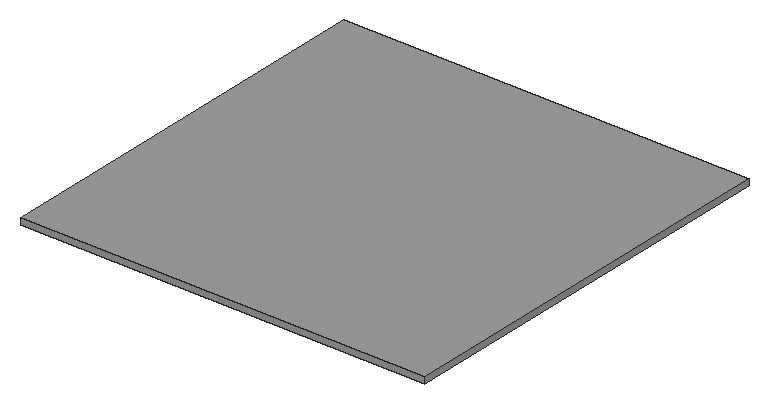
Revit family "BK-BK Inverted Roof 60mm Family", category Generic Models, host Floor, Revit 2017
Family settings
  Host = Floor
  Can host rebar = No
  Round Connector Dimension = Use Diameter
  Part Type = Normal
  Always vertical = Yes
  Cut with Voids When Loaded = No
  Shared = No
  Room Calculation Point = No
Parameters (values of type "Lambdaboard")
  Width = 4000 mm
  URL = "www.rigifoam.com"
  Type Comments = "duncan@rigifoam.com"
  Thermal Resistance = 2.5000 (m²·K)/W
  Thermal Conductivity = 0.0240 W/(m·K)
  Model = "BK/BK Inverted Roof 60mm"
  Material = Polyisocyanurate
  Manufacturer = "Lambdaboard"
  Length = 4000 mm
  Slab Thickness = 300 mm
  Description = "Flexible PIR Insulation"
  Depth = 60 mm
  Density = 40.0000 kg/m³
Reference planes
  plane 1 "Center (Front/Back)": y = 0
  plane 2: z = 0
  plane 3 "Center (Left/Right)": x = 0
Forms (mm)
  Extrusion 1, solid, material "Polyisocyanurate" <- "Material"
    sketch origin (0, 0, 0) x (1, 0, 0) y (0, 1, 0)
      loop
        line (-2000, 2000) -> (-2000, -2000) -> (2000, -2000) -> (2000, 2000) -> (-2000, 2000)
    from -300 to -360
Dimensions and locks
  "Depth": Extrusion 1 to Extrusion 1
  "Length": Extrusion 1 to Extrusion 1
  "Width": Extrusion 1 to Extrusion 1
  "Slab Thickness": plane 2 to Extrusion 1
  aligned and locked: level to plane 2
Automatic sketch dimensions
  Extrusion 1 sketch curve to plane 3 "Center (Left/Right)" = 2000 mm
  plane 3 "Center (Left/Right)" to Extrusion 1 sketch curve = 2000 mm
  plane 1 "Center (Front/Back)" to Extrusion 1 sketch curve = 2000 mm
  Extrusion 1 sketch curve to plane 1 "Center (Front/Back)" = 2000 mm
